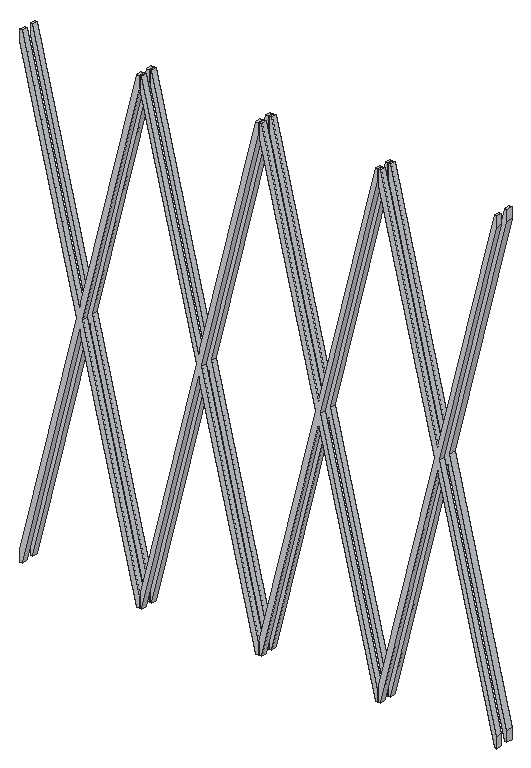
Revit family "M_Padrão do montante_diamante_1x4", category Modelos genéricos, Revit 2019
Family settings
  Pode hospedar o vergalhão = Não
  Cota do conector redondo = Utilizar diâmetro
  Tipo de parte = Normal
  Com base no plano de trabalho = Não
  Sempre na vertical = Sim
  Corte com vazios quando carregada = Não
  Compartilhado = Sim
  Ponto de cálculo do ambiente = Não
Parameters
  Largura [instance] = 1200 mm
  Espessura = 12.7 mm
  Altura [instance] = 1200 mm
  Material interior [instance] = none
  Material externo [instance] = none
  Distância = 19.05 mm
Reference planes
  plane 1 "Centro (Frente/Trás)": y = 0
  plane 2: z = 0
  plane 3 "Centro (Esquerda/Direita)": x = 0
  plane 4: z = 1200
  plane 5: x = -600
  plane 6: x = 600
  plane 7: z = 600
  plane 8: x = -300
  plane 9: x = 300
Dimensions and locks
  "Largura": plane 6 to plane 5
  "Altura": plane 4 to plane 2
  equal spacing: plane 4, plane 7, plane 2
  equal spacing: plane 6, plane 9, plane 3 "Centro (Esquerda/Direita)", plane 8, plane 5
  aligned and locked: plane 2 to level
  aligned and locked: plane 1 "Centro (Frente/Trás)" to nested 1
  aligned and locked: plane 1 "Centro (Frente/Trás)" to nested 2
  aligned and locked: plane 1 "Centro (Frente/Trás)" to nested 3
  aligned and locked: plane 1 "Centro (Frente/Trás)" to nested 4
  aligned and locked: plane 4 to nested 1
  aligned and locked: plane 4 to nested 3
  aligned and locked: plane 4 to nested 2
  aligned and locked: plane 4 to nested 4
  aligned and locked: plane 2 to nested 1
  aligned and locked: plane 2 to nested 2
  aligned and locked: plane 2 to nested 3
  aligned and locked: plane 2 to nested 4
  aligned and locked: plane 5 to nested 1
  aligned and locked: plane 8 to nested 1
  aligned and locked: plane 6 to nested 4
  aligned and locked: plane 9 to nested 4
  aligned and locked: plane 8 to nested 2
  aligned and locked: plane 3 "Centro (Esquerda/Direita)" to nested 2
  aligned and locked: plane 3 "Centro (Esquerda/Direita)" to nested 3
  aligned and locked: plane 9 to nested 3
Nested families
  nested 1: "M_Padrão do montante_diamante" at (-450, 0, 0), Material externo <- "Material externo", Material interior <- "Material interior", type "M_Padrão do montante_diamante"
    with W 300 mm, Material interior none, H 1200 mm, Material externo none
  nested 2: "M_Padrão do montante_diamante" at (-150, 0, 0), Material externo <- "Material externo", Material interior <- "Material interior", type "M_Padrão do montante_diamante"
    with W 300 mm, Material interior none, H 1200 mm, Material externo none
  nested 3: "M_Padrão do montante_diamante" at (150, 0, 0), Material externo <- "Material externo", Material interior <- "Material interior", type "M_Padrão do montante_diamante"
    with W 300 mm, Material interior none, H 1200 mm, Material externo none
  nested 4: "M_Padrão do montante_diamante" at (450, 0, 0), Material externo <- "Material externo", Material interior <- "Material interior", type "M_Padrão do montante_diamante"
    with W 300 mm, Material interior none, H 1200 mm, Material externo none
Definition of nested family "M_Padrão do montante_diamante"
  Parameters (values of type "M_Padrão do montante_diamante")
    W [instance] = 1200 mm
    Espessura = 12.7 mm
    H [instance] = 1200 mm
    Material interior [instance] = none
    Distância = 19.05 mm
    Material externo [instance] = none
  Reference planes
    plane 1 "Centro (Frente/Trás)": y = 0
    plane 2: z = 0
    plane 3 "Centro (Esquerda/Direita)": x = 0
    plane 4: z = 1200
    plane 5: x = -600
    plane 6: x = 600
    plane 7: z = 600
    plane 8: y = 9.525
    plane 9: y = -9.525
    plane 10: y = 22.225
    plane 11: y = -22.225
  Forms (mm)
    Extrusion 1, solid, material <- "Material externo", detail levels fine
      sketch origin (-600, 0, 1200) x (0.707107, 0, -0.707107) y (0.707107, 0, 0.707107)
        loop
          line (0, 6.35) -> (0, -6.35) -> (1697.056, -6.35) -> (1697.056, 6.35) -> (0, 6.35)
      from -22.225 to -9.525
    Extrusion 2, solid, material <- "Material externo", detail levels fine
      sketch origin (600, 0, 1200) x (-0.707107, 0, -0.707107) y (0.707107, 0, -0.707107)
        loop
          line (1697.056, 6.35) -> (0, 6.35) -> (0, -6.35) -> (1697.056, -6.35) -> (1697.056, 6.35)
      from -22.225 to -9.525
    Extrusion 3, void
      sketch origin (0, 0, 0) x (1, 0, 0) y (0, 0, 1)
        loop
          line (-600, 1200) -> (-600, 0) -> (600, 0) -> (600, 1200) -> (-600, 1200)
        loop
          line (-612.7, 1212.7) -> (-612.7, -12.7) -> (612.7, -12.7) -> (612.7, 1212.7) -> (-612.7, 1212.7)
      from -22.225 to 22.225
    Extrusion 4, solid, material <- "Material interior", detail levels fine
      sketch origin (-600, 0, 1200) x (0.707107, 0, -0.707107) y (0.707107, 0, 0.707107)
        loop
          line (0, 6.35) -> (0, -6.35) -> (1697.056, -6.35) -> (1697.056, 6.35) -> (0, 6.35)
      from 9.525 to 22.225
    Extrusion 5, solid, material <- "Material interior", detail levels fine
      sketch origin (600, 0, 1200) x (-0.707107, 0, -0.707107) y (0.707107, 0, -0.707107)
        loop
          line (0, -6.35) -> (1697.056, -6.35) -> (1697.056, 6.35) -> (0, 6.35) -> (0, -6.35)
      from 9.525 to 22.225
  Cuts and joins
    Extrusion 3 cuts Extrusion 1
    Extrusion 3 cuts Extrusion 2
    joined: Extrusion 1, Extrusion 2
    Extrusion 3 cuts Extrusion 4
    Extrusion 3 cuts Extrusion 5
    joined: Extrusion 4, Extrusion 5
  Lines and regions (mm)
    reference lines
      curve 1: line (-600, 0, 1200) -> (600, 0, 0)
      curve 2: line (600, 0, 1200) -> (-600, 0, 0)
      curve 3: line (-600, 0, 1200) -> (-447.336, 0, 1352.664)
      curve 4: line (600, 0, 0) -> (793.076, 0, 193.076)
      curve 5: line (-529.006, 0, 1120.026) -> (416.643, 0, 174.377)
      curve 6: line (-520.026, 0, 1129.006) -> (425.623, 0, 183.357)
      curve 7: line (600, 0, 1200) -> (469.786, 0, 1330.214)
      curve 8: line (-600, 0, 0) -> (-707.763, 0, 107.763)
      curve 9: line (-595.51, 0, -4.49) -> (557.214, 0, 1148.233)
      curve 10: line (-604.49, 0, 4.49) -> (548.233, 0, 1157.214)
    model lines, detail levels medium
      curve 11: line (600, 9.525, 0) -> (-600, 9.525, 1200)
      curve 12: line (600, 9.525, 1200) -> (-600, 9.525, 0)
      curve 13: line (600, -9.525, 0) -> (-600, -9.525, 1200)
      curve 14: line (600, -9.525, 1200) -> (-600, -9.525, 0)
  Dimensions and locks
    equal spacing: plane 6, plane 3 "Centro (Esquerda/Direita)", plane 5
    "W": plane 6 to plane 5
    "H": plane 4 to plane 2
    equal spacing: plane 4, plane 7, plane 2
    equal spacing: curve 5, curve 1, curve 6
    "Espessura": curve 5 to curve 6
    equal spacing: curve 9, curve 2, curve 10
    "Espessura": curve 9 to curve 10
    "Espessura": Extrusion 3 sketch curve to plane 6
    "Espessura": plane 2 to Extrusion 3 sketch curve
    "Espessura": plane 5 to Extrusion 3 sketch curve
    "Espessura": Extrusion 3 sketch curve to plane 4
    "Distância": plane 8 to plane 9
    equal spacing: plane 8, plane 1 "Centro (Frente/Trás)", plane 9
    "Espessura": plane 10 to plane 8
    "Espessura": plane 9 to plane 11
    locked: curve 1 to curve 3 (angle 90.00°)
    locked: curve 4 to curve 1 (angle 90.00°)
    locked: curve 7 to curve 2 (angle 90.00°)
    locked: curve 2 to curve 8 (angle 90.00°)
    aligned and locked: plane 2 to level
    aligned and locked: plane 4 to curve 1
    aligned and locked: plane 5 to curve 1
    aligned and locked: plane 2 to curve 2
    aligned and locked: plane 5 to curve 2
    aligned and locked: plane 6 to curve 1
    aligned and locked: plane 2 to curve 1
    aligned and locked: plane 6 to curve 2
    aligned and locked: plane 4 to curve 2
    aligned and locked: plane 4 to curve 3
    aligned and locked: plane 5 to curve 3
    aligned and locked: plane 6 to curve 4
    aligned and locked: plane 2 to curve 4
    aligned and locked: Extrusion 1 sketch curve to curve 5
    aligned and locked: Extrusion 1 sketch curve to curve 3
    aligned and locked: Extrusion 1 sketch curve to curve 6
    aligned and locked: curve 6 to Extrusion 1 sketch curve
    aligned and locked: curve 5 to Extrusion 1 sketch curve
    aligned and locked: Extrusion 1 sketch curve to curve 4
    aligned and locked: curve 4 to Extrusion 1 sketch curve
    aligned and locked: plane 5 to curve 8
    aligned and locked: plane 2 to curve 8
    aligned and locked: plane 6 to curve 7
    aligned and locked: plane 4 to curve 7
    aligned and locked: Extrusion 2 sketch curve to curve 10  (x2)
    aligned and locked: Extrusion 2 sketch curve to curve 8  (x2)
    aligned and locked: curve 9 to Extrusion 2 sketch curve  (x2)
    aligned and locked: curve 7 to Extrusion 2 sketch curve
    aligned and locked: plane 5 to Extrusion 3 sketch curve
    aligned and locked: Extrusion 3 sketch curve to plane 4
    aligned and locked: Extrusion 3 sketch curve to plane 6
    aligned and locked: plane 2 to Extrusion 3 sketch curve
    aligned and locked: plane 10 to cut or joined group of Extrusion 1, Extrusion 2, Extrusion 3  (x2)
    aligned and locked: cut or joined group of Extrusion 1, Extrusion 2, Extrusion 3 to plane 8  (x2)
    aligned and locked: plane 10 to Extrusion 3
    aligned and locked: Extrusion 3 to plane 11
    aligned and locked: curve 3 to Extrusion 4 sketch curve
    aligned and locked: Extrusion 4 sketch curve to curve 3
    aligned and locked: Extrusion 4 sketch curve to curve 6
    aligned and locked: Extrusion 4 sketch curve to curve 5
    aligned and locked: Extrusion 4 sketch curve to curve 4
    aligned and locked: curve 6 to Extrusion 4 sketch curve
    aligned and locked: curve 5 to Extrusion 4 sketch curve
    aligned and locked: Extrusion 5 sketch curve to curve 9
    aligned and locked: Extrusion 5 sketch curve to curve 10
    aligned and locked: Extrusion 5 sketch curve to curve 7  (x2)
    aligned and locked: Extrusion 5 sketch curve to curve 8  (x2)
    aligned and locked: curve 9 to Extrusion 5 sketch curve
    aligned and locked: curve 10 to Extrusion 5 sketch curve
    aligned and locked: Extrusion 4 to plane 11
    aligned and locked: Extrusion 5 to plane 11
    aligned and locked: plane 9 to Extrusion 4
    aligned and locked: plane 9 to Extrusion 5
    aligned and locked: plane 2 to curve 11
    aligned and locked: plane 6 to curve 11
    aligned and locked: plane 5 to curve 11
    aligned and locked: plane 4 to curve 11
    aligned and locked: plane 5 to curve 12
    aligned and locked: plane 2 to curve 12
    aligned and locked: plane 4 to curve 12
    aligned and locked: plane 6 to curve 12
    aligned and locked: plane 2 to curve 13
    aligned and locked: plane 6 to curve 13
    aligned and locked: plane 4 to curve 14
    aligned and locked: plane 6 to curve 14
    aligned and locked: plane 4 to curve 13
    aligned and locked: plane 5 to curve 13
    aligned and locked: plane 2 to curve 14
    aligned and locked: plane 5 to curve 14
  Automatic sketch dimensions
    curve 1 to curve 6 = 106.751 mm
    curve 1 to curve 5 = 106.751 mm
    curve 5 to curve 1 = 252.956 mm
    curve 6 to curve 5 = 0 mm
    curve 2 to curve 9 = 0 mm
    curve 2 to curve 9 = 66.859 mm
    curve 2 to curve 10 = 66.859 mm
